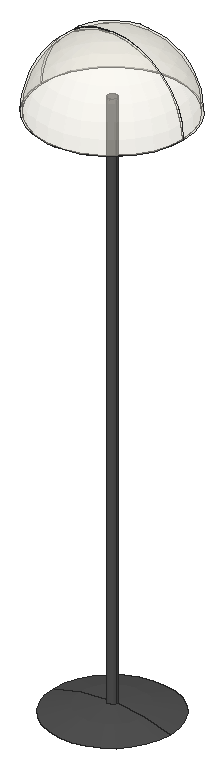
Revit family
Parameters (values of type "60 와트 백열")
  Wattage = 60 W
  built-in parameter 1150110 = 1 (stored number, unit not read)
  built-in parameter 1114217 = 1 (stored number, unit not read)
  built-in parameter 1150109 = 1 (stored number, unit not read)
  built-in parameter 1150134 = 4
  built-in parameter 1150113 = 1 (stored number, unit not read)
  built-in parameter 1150115 = 1 (stored number, unit not read)
  built-in parameter 1150105 = 68.039 (stored number, unit not read)
  Light Source Symbol Size = 609.60 mm
  built-in parameter 1150137 = (empty or 0)
  built-in parameter 1150139 = (empty or 0)
  built-in parameter 1150112 = 1 (stored number, unit not read)
  built-in parameter 1150114 = 1 (stored number, unit not read)
  Lamp = "A-19"
  Lumens = 855 lm
  음영처리 = 유리 - 젖빛
  스탠드 = 금속 - 크롬
  Wattage Comments = "60"
  built-in parameter 1150132 = (empty or 0)
  built-in parameter 1150102 = (empty or 0)
  built-in parameter 1150138 = (empty or 0)
  built-in parameter 1150107 = 2800 (stored number, unit not read)
  built-in parameter 1150106 = 0.68039 (stored number, unit not read)
  built-in parameter 1150104 = 1.3239 (stored number, unit not read)
  Dimming Lamp Color Temperature Shift = (empty or 0)
  Color Filter = 16777215
  built-in parameter 1114218 = 1 (stored number, unit not read)
  built-in parameter 1150133 = 10 (stored number, unit not read)
Types (3, lengths in mm): name | Wattage | built-in parameter 1150105 | Lumens | Wattage Comments | built-in parameter 1150106 | built-in parameter 1150104
  (no name) | 60 W | 68.039 (stored number, unit not read) | 855 lm | "60" | 0.68039 (stored number, unit not read) | 1.3239 (stored number, unit not read)
  100 와트 백열 | 100 W | 139.26 (stored number, unit not read) | 1750 lm | "100" | 1.3926 (stored number, unit not read) | 1.6258 (stored number, unit not read)
  60 와트 백열 | 60 W | 68.039 (stored number, unit not read) | 855 lm | "60" | 0.68039 (stored number, unit not read) | 1.3239 (stored number, unit not read)
Reference planes
  plane 1 "광원 축": y = 0
  plane 2: z = 0
  plane 3 "광원 축": x = 0
  plane 4 "광원 입면도": z = 1651
Forms (mm)
  Extrusion 1, solid, material "금속 - 크롬" <- "스탠드"
    sketch origin (0, 0, 0) x (1, 0, 0) y (0, 1, 0)
      loop
        circle (0, 0) r 12.7
    from 25.4 to 1549.4
  Revolve 2, solid, material "금속 - 크롬" <- "스탠드"
    sketch origin (0, 0, 0) x (1, 0, 0) y (0, 0, 1)
      loop
        line (12.7, 25.4) -> (12.7, 0) -> (165.1, 0)
        arc (165.1, 0) -> (89.708, 17.546) -> (12.7, 25.4) r 609.787
      axis (0, 25.4) -> (0, 0)
    angle from 0 to 360
  Revolve 3, solid, material "유리 - 젖빛" <- "음영처리"
    sketch origin (0, 0, 113.413) x (1, 0, 0) y (0, 0, 1)
      loop
        arc (202.331, 1397) -> (143.077, 1540.294) -> (0, 1600.07) r 203.2
        line (0, 1600.07) -> (0, 1593.994)
        arc (0, 1593.994) -> (139.725, 1536.55) -> (197.592, 1397) r 196.85
        line (197.592, 1397) -> (202.331, 1397)
      axis (0, 1600.07) -> (0, 1397)
    angle from 0 to 360
Lines and regions (mm)
  Masking region 1
    outline origin (0, 0, 0) x (1, 0, 0) y (0, 1, 0)
      loop
        circle (0, 0) r 202.331
  symbolic lines
    curve 1: arc (12.7, 0, 0) -> (0, 12.7, 0) -> (-12.7, 0, 0) r 12.7
    curve 2: arc (-12.7, 0, 0) -> (0, -12.7, 0) -> (12.7, 0, 0) r 12.7
    curve 3: arc (165.1, 0, 0) -> (0, 165.1, 0) -> (-165.1, 0, 0) r 165.1
    curve 4: arc (-165.1, 0, 0) -> (0, -165.1, 0) -> (165.1, 0, 0) r 165.1
Dimensions and locks
  aligned and locked: Masking region 1 sketch curve to Revolve 3
  aligned and locked: plane 3 "광원 축" to imposter light
  aligned and locked: plane 1 "광원 축" to imposter light
  aligned and locked: plane 4 "광원 입면도" to imposter light
